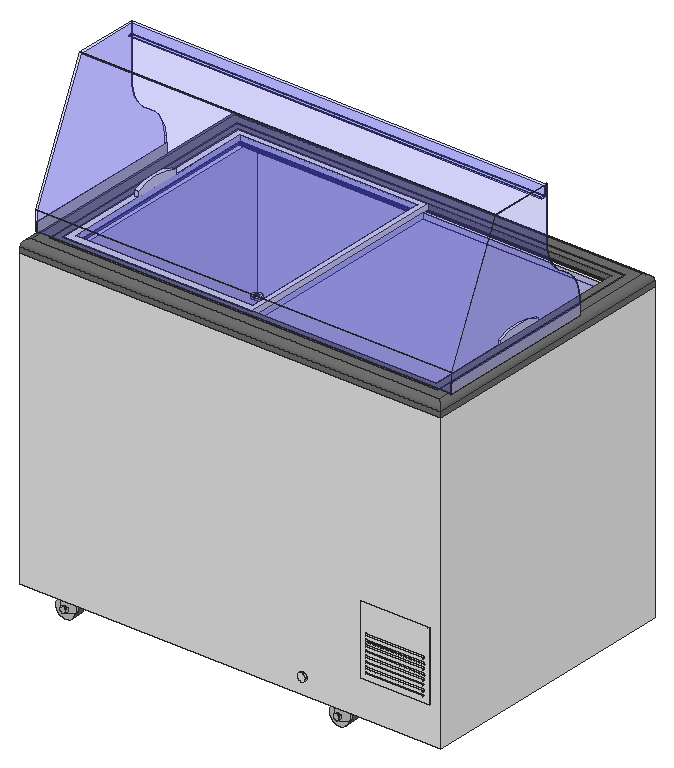
Revit family "Qf_Summit_NOVA35PDC_11.7 Cu.Ft. Dipping Cabinet", category Specialty Equipment, Revit 2020
Family settings
  Round Connector Dimension = Use Diameter
  Part Type = Normal
  Work Plane-Based = No
  Always vertical = Yes
  Cut with Voids When Loaded = No
  Shared = No
  Room Calculation Point = No
Parameters
  Weight in Pounds = 152
  Watts = FL Amps * Volts  # 828 W
  Volts = 115 V
  URL Cutsheet = ""
  Specification by User = ""
  Specification by Manufacturer = ""
  Show Clearance [instance] = yes
  Serial Number = ""
  Seismic Rating = ""
  SMACNA No = ""
  Revision Code = ""
  Refrigerant Volume = 0.00 kip
  Refrigerant Type = "R290a"
  Phase = 1
  Number of Poles = 1
  NAFEM Spec ID Number = ""
  Model = "NOVA35PDC"
  Min Ckt Ampacity = 0 A
  Max Overcurrent Protection = 0 A
  Masterspec = ""
  Manufacturer = "Summit"
  Length = 43"
  Item Number = ""
  Installed By = ""
  Identify Quantity as Lot = yes
  Height = 48 1/4"
  HP = ""
  Furnished By = ""
  Foodservice Equipment Identifier = yes
  FL Amps = 7.2 A
  Electrical Remarks = ""
  Electric Connection Type = ""
  Elec Conn RI Height = 0"
  Elec Conn Connection Height = 0"
  Description = "11.7 Cu.Ft. Dipping Cabinet"
  Depth = 27 1/4"
  Default Elevation = 0"
  Cycle = 60 Hz
  Conn Plug = ""
  Conn Conduit = yes
  CSI MasterFormat = ""
  Apparent Power = 828 VA
Reference planes (in)
  plane 1: z = 0
  plane 2 "LEFT": x = 0
  plane 3 "RIGHT": x = 43
  plane 4 "FRONT": y = -28
  plane 5 "TOP": z = 34.25
  plane 6 "Center Y": x = 21.5
  plane 7 "Center X": y = -14.375
  plane 8 "BACK": y = -0.75
  plane 9: z = 2.75
  plane 10: x = 0.75
  plane 11: x = 1
  plane 12: x = 3.71343
  plane 13: x = 31.6875
  plane 14: x = 39.825
  plane 15: x = 31.95
  plane 16: z = 5.875
  plane 17: z = 15.625
  plane 18: x = 3.125
  plane 19: x = 39.875
  plane 20: x = 32
Forms (in)
  Sweep 1, solid, material "QF_Plastic_Dark_Grey"
    path origin (0, 0, 0) x (1, 0, 0) y (0, 1, 0)
      loop
        line (0, -0.75) -> (0, -28) -> (43, -28) -> (43, -0.75) -> (0, -0.75)
    profile origin (0, -14.375, 0) x (1, 0, 0) y (0, 0, 1)
      loop
        line (0, 33) -> (1.7, 33) -> (1.7, 34.25) -> (0.75, 34.25) -> (0.67874, 34.25)
        arc (0.67874, 34.25) -> (0.1988, 34.0512) -> (0, 33.57126) r 0.67874
        line (0, 33.57126) -> (0, 33)
  Extrusion 2, solid, material "QF_Metallic_Paint_White_Smooth"
    sketch origin (0, 0, 0) x (1, 0, 0) y (0, 1, 0)
      loop
        line (3.125, -27) -> (39.875, -27) -> (39.875, -1.75) -> (3.125, -1.75) -> (3.125, -27)
      loop
        line (43, -0.75) -> (0, -0.75) -> (0, -28) -> (43, -28) -> (43, -0.75)
    from 2.75 to 33
  Extrusion 3, solid, material "QF_Metallic_Paint_White_Smooth"
    sketch origin (0, 0, 0) x (1, 0, 0) y (0, 1, 0)
      loop
        line (2.4, -3.15) -> (2.4, -25.6) -> (21.75, -25.6) -> (21.75, -3.15) -> (2.4, -3.15)
      loop
        line (3.075, -3.8) -> (3.075, -24.8) -> (21.25, -24.8) -> (21.25, -3.8) -> (3.075, -3.8)
    from 33.70906 to 34.25
  Extrusion 4, solid, material "Glass"
    sketch origin (0, 0, 0) x (1, 0, 0) y (0, 1, 0)
      loop
        line (3.075, -3.8) -> (3.075, -24.8) -> (21.25, -24.8) -> (21.25, -3.8) -> (3.075, -3.8)
    from 33.63932 to 34.25
  Extrusion 5, solid, material "QF_Metallic_Paint_White_Smooth"
    sketch origin (0, -0.75, 0) x (1, 0, 0) y (0, 0, 1)
      loop
        line (1, 5.875) -> (1, 2.75) -> (42, 2.75) -> (42, 15.625) -> (32, 15.625) -> (32, 5.875) -> (1, 5.875)
    from 1 to 26.25
  Sweep 6, solid, material "QF_Plastic_Dark_Grey"
    path origin (30, 0, 34.27864) x (-1, 0, 0) y (0, -1, 0)
      loop
        line (27.7, 3.05) -> (27.7, 25.7) -> (-10.7, 25.7) -> (-10.7, 3.05) -> (27.7, 3.05)
    profile origin (21.5, -3.05, 34.27864) x (0, 1, 0) y (0, 0, 1)
      loop
        line (-0.1, -0.02864) -> (-0.1, -0.56958) -> (-0.33757, -0.56958) -> (-0.33757, -0.63932) -> (-0.1, -0.63932) -> (-0.1, -1.18026) -> (-0.33757, -1.18026) -> (-0.33757, -1.27864) -> (0.6, -1.27864) -> (0.6, -0.02864) -> (-0.1, -0.02864)
  Extrusion 7, solid, material "QF_Metallic_Paint_White_Smooth"
    sketch origin (30, 0, -0.61068) x (-1, 0, 0) y (0, -1, 0)
      loop
        line (-10.6, 3.15) -> (8.75, 3.15) -> (8.75, 25.45) -> (-10.6, 25.45) -> (-10.6, 3.15)
      loop
        line (-9.925, 3.8) -> (8.25, 3.8) -> (8.25, 24.8) -> (-9.925, 24.8) -> (-9.925, 3.8)
    from 33.70906 to 34.25
  Extrusion 8, solid, material "Glass"
    sketch origin (30, 0, -0.61068) x (-1, 0, 0) y (0, -1, 0)
      loop
        line (-9.925, 3.8) -> (8.25, 3.8) -> (8.25, 24.8) -> (-9.925, 24.8) -> (-9.925, 3.8)
    from 33.70906 to 34.25
  Extrusion 9, solid, material "QF_Metallic_Paint_White_Smooth"
    sketch origin (23.88, 0, 0) x (0, 1, 0) y (0, 0, 1)
      loop
        line (-16.73455, 34.25) -> (-12.01545, 34.25) -> (-12.01545, 34.75)
        arc (-12.01545, 34.75) -> (-14.375, 35.25) -> (-16.73455, 34.75) r 5.8175
        line (-16.73455, 34.75) -> (-16.73455, 34.25)
    from -21.14299 to -20.805
  Extrusion 10, solid, material "QF_Metallic_Paint_White_Smooth"
    sketch origin (6.12, 0, -0.61068) x (0, 1, 0) y (0, 0, -1)
      loop
        line (-16.73455, -34.25) -> (-16.73455, -34.75)
        arc (-16.73455, -34.75) -> (-14.375, -35.25) -> (-12.01545, -34.75) r 5.8175
        line (-12.01545, -34.75) -> (-12.01545, -34.25) -> (-16.73455, -34.25)
    from -34.01945 to -33.805
  Extrusion 11, solid, material "QF_Metallic_Paint_White_Smooth"
    sketch origin (0, -28, 0) x (1, 0, 0) y (0, 0, 1)
      loop
        line (34.875, 13.375) -> (34.875, 6.375) -> (41.875, 6.375) -> (41.875, 13.375) -> (34.875, 13.375)
      loop
        line (35.375, 10.625) -> (35.375, 10.375) -> (41.375, 10.375) -> (41.375, 10.625) -> (35.375, 10.625)
      loop
        line (41.375, 10.125) -> (35.375, 10.125) -> (35.375, 9.875) -> (41.375, 9.875) -> (41.375, 10.125)
      loop
        line (35.375, 9.625) -> (35.375, 9.375) -> (41.375, 9.375) -> (41.375, 9.625) -> (35.375, 9.625)
      loop
        line (41.375, 9.125) -> (35.375, 9.125) -> (35.375, 8.875) -> (41.375, 8.875) -> (41.375, 9.125)
      loop
        line (35.375, 8.625) -> (35.375, 8.375) -> (41.375, 8.375) -> (41.375, 8.625) -> (35.375, 8.625)
      loop
        line (41.375, 8.125) -> (35.375, 8.125) -> (35.375, 7.875) -> (41.375, 7.875) -> (41.375, 8.125)
      loop
        line (35.375, 7.625) -> (35.375, 7.375) -> (41.375, 7.375) -> (41.375, 7.625) -> (35.375, 7.625)
      loop
        line (41.375, 7.125) -> (35.375, 7.125) -> (35.375, 6.875) -> (41.375, 6.875) -> (41.375, 7.125)
    from 0 to 0.03125
  Extrusion 12, solid, material "QF_Metallic_Paint_White_Smooth"
    sketch origin (0, -0.75, 0) x (1, 0, 0) y (0, 0, 1)
      loop
        circle (40, 5.375) r 0.25
    from 0 to -0.23344
  Extrusion 13, solid, material "QF_Metallic_Paint_White_Smooth"
    sketch origin (0, -28, 0) x (1, 0, 0) y (0, 0, 1)
      loop
        circle (28.875, 4.375) r 0.40028
    from 0 to 0.15886
  Extrusion 14, solid, material "QF_Metal - Stainless - Polished"
    sketch origin (0.07561, 0.09001, 34.25) x (1, 0, 0) y (0, 1, 0)
      loop
        circle (20.42439, -23.52751) r 0.5
      loop
        circle (20.42439, -23.52751) r 0.25
      loop
        arc (20.45564, -23.57767) -> (20.42439, -23.46841) -> (20.39314, -23.57767) r 0.0591
        line (20.39314, -23.57767) -> (20.39314, -23.72445)
        arc (20.39314, -23.72445) -> (20.42439, -23.7557) -> (20.45564, -23.72445) r 0.03125
        line (20.45564, -23.72445) -> (20.45564, -23.57767)
    from 0.04239 to -0.05358
Cuts and joins
  joined: Extrusion 2, Extrusion 5, Extrusion 11, Extrusion 12
  joined: Extrusion 3, Extrusion 9
  joined: Extrusion 7, Extrusion 10
Lines and regions (in)
  Split face 1
    outline origin (34.875, -28.03125, 13.375) x (-1, 0, 0) y (0, 0, -1)
      loop
        arc (-2, 1.7125) -> (-2.02929, 1.78321) -> (-2.1, 1.8125) r 0.1
        line (-2.1, 1.8125) -> (-4.9, 1.8125)
        arc (-4.9, 1.8125) -> (-4.97071, 1.78321) -> (-5, 1.7125) r 0.1
        line (-5, 1.7125) -> (-5, 0.6)
        arc (-5, 0.6) -> (-4.97071, 0.52929) -> (-4.9, 0.5) r 0.1
        line (-4.9, 0.5) -> (-2.1, 0.5)
        arc (-2.1, 0.5) -> (-2.02929, 0.52929) -> (-2, 0.6) r 0.1
        line (-2, 0.6) -> (-2, 1.7125)
  Split face 2
    outline origin (34.875, -28.03125, 13.375) x (-1, 0, 0) y (0, 0, -1)
      loop
        line (-2.625, 0.6875) -> (-2.625, 1.375) -> (-4.374, 1.375) -> (-4.374, 0.6875) -> (-2.625, 0.6875)
  Split face 3
    outline origin (34.875, -28.03125, 13.375) x (-1, 0, 0) y (0, 0, -1)
      loop
        arc (-2.4061, 0.67406) -> (-2.3125, 0.54855) -> (-2.2189, 0.67406) r 0.09766
        arc (-2.2189, 0.67406) -> (-2.24545, 0.75668) -> (-2.26367, 0.84152) r 0.87424
        line (-2.26367, 0.84152) -> (-2.26974, 0.93917) -> (-2.35526, 0.93917) -> (-2.36133, 0.84152)
        arc (-2.36133, 0.84152) -> (-2.37955, 0.75668) -> (-2.4061, 0.67406) r 0.87424
  Split face 4
    outline origin (34.875, -28.03125, 13.375) x (-1, 0, 0) y (0, 0, -1)
      loop
        line (-4.59026, 0.82885) -> (-4.6875, 0.81322) -> (-4.78474, 0.82885) -> (-4.6875, 0.66041) -> (-4.59026, 0.82885)
  Split face 5
    outline origin (34.875, -28.03125, 13.375) x (-1, 0, 0) y (0, 0, -1)
      loop
        line (-4.6875, 1.09273) -> (-4.59026, 1.07711) -> (-4.6875, 1.24554) -> (-4.78474, 1.07711) -> (-4.6875, 1.09273)
  Split face 6
    outline origin (34.875, -28.03125, 13.375) x (-1, 0, 0) y (0, 0, -1)
      loop
        arc (-4.67187, 1.54954) -> (-4.6875, 1.73573) -> (-4.70312, 1.54954) r 0.09375
        line (-4.70312, 1.54954) -> (-4.70312, 1.48913) -> (-4.67187, 1.48913) -> (-4.67187, 1.54954)
  symbolic lines
    curve 1: line (0, -0.75, 0) -> (43, -0.75, 0)
    curve 2: line (0, -28, 0) -> (0, -0.75, 0)
    curve 3: line (43, -28, 0) -> (0, -28, 0)
    curve 4: line (43, -0.75, 0) -> (43, -28, 0)
    curve 5: line (1.7, -26.3, 0) -> (41.3, -26.3, 0)
    curve 6: line (1.7, -2.45, 0) -> (1.7, -25.6, 0)
    curve 7: line (41.3, -2.45, 0) -> (1.7, -2.45, 0)
    curve 8: line (41.3, -26.3, 0) -> (41.3, -2.45, 0)
    curve 9: line (39.925, -3.8, 0) -> (21.75, -3.8, 0)
    curve 10: line (3.075, -3.8, 0) -> (3.075, -24.8, 0)
    curve 11: line (39.925, -24.8, 0) -> (39.925, -3.8, 0)
    curve 12: line (21.75, -25.6, 0) -> (21.75, -3.8, 0)
    curve 13: line (21.25, -24.8, 0) -> (21.25, -3.8, 0)
    curve 14: line (2.4, -3.15, 0) -> (2.4, -24.8, 0)
    curve 15: line (40.6, -25.6, 0) -> (40.6, -3.15, 0)
    curve 16: line (40.6, -3.15, 0) -> (2.4, -3.15, 0)
    curve 17: line (42, -26.3, 0) -> (42, -1.75, 0)
    curve 18: line (42, -1.75, 0) -> (1, -1.75, 0)
    curve 19: line (1, -26.3, 0) -> (1, -1.75, 0)
    curve 20: line (21.25, -3.8, 0) -> (3.075, -3.8, 0)
    curve 21: line (32, -3.8, 0) -> (32, -24.8, 0)
    curve 22: line (21.25, -24.8, 0) -> (2.4, -24.8, 0)
    curve 23: line (1.7, -25.6, 0) -> (40.6, -25.6, 0)
    curve 24: line (1, -26.3, 0) -> (41.3, -26.3, 0)
    curve 25: line (40.13945, -16.73455, 0) -> (40.13945, -12.01545, 0)
    curve 26: line (40.13945, -12.01545, 0) -> (39.925, -12.01545, 0)
    curve 27: line (39.925, -12.01545, 0) -> (39.925, -16.73455, 0)
    curve 28: line (39.925, -16.73455, 0) -> (40.13945, -16.73455, 0)
    curve 29: line (2.73701, -12.01545, 0) -> (2.73701, -16.73455, 0)
    curve 30: line (2.73701, -16.73455, 0) -> (3.075, -16.73455, 0)
    curve 31: line (3.075, -16.73455, 0) -> (3.075, -12.01545, 0)
    curve 32: line (3.075, -12.01545, 0) -> (2.73701, -12.01545, 0)
    curve 33: line (21.75, -24.8, 0) -> (39.925, -24.8, 0)
Dimensions and locks (in)
  equal spacing: plane 2 "LEFT", plane 6 "Center Y", plane 3 "RIGHT"
  "Length": plane 2 "LEFT" to plane 3 "RIGHT"
  equal spacing: plane 4 "FRONT", plane 7 "Center X", plane 8 "BACK"
  nested 5 to level = 48 1/4"
  plane 3 "RIGHT" to plane 2 "LEFT" = 43"
  plane 5 "TOP" to level = 34 1/4"  (x2)
  "Depth": plane 4 "FRONT" to plane 8 "BACK"
  plane 9 to level = 2 3/4"
  locked: plane 12 to plane 2 "LEFT" at 3.71343
  locked: plane 3 "RIGHT" to plane 13 at 11.3125
  plane 5 "TOP" to cut or joined group of Extrusion 2, Extrusion 5, Extrusion 11, Extrusion 12 = 31 1/2"
  Extrusion 2 sketch curve to plane 3 "RIGHT" = 3 1/8"
  Extrusion 5 sketch curve to plane 14 = 7.825"
  locked: Extrusion 5 sketch curve to plane 3 "RIGHT" at 1
  locked: Sweep 6 sketch curve to plane 3 "RIGHT" at 2.3
  Extrusion 3 sketch curve to plane 6 "Center Y" to Extrusion 3 sketch curve = 1/4" locked, 1/4" locked
  cut or joined group of Extrusion 7, Extrusion 10 to cut or joined group of Extrusion 7, Extrusion 10 to cut or joined group of Extrusion 7, Extrusion 10 to plane 3 "RIGHT" = 0" locked, 0.21445", 2.86055"
  nested 5 to plane 5 "TOP" = 14"
  plane 16 to level = 5 7/8"
  plane 17 to plane 16 = 9 3/4"
  plane 20 to plane 19 = 7 7/8"
  cut or joined group of Extrusion 2, Extrusion 5, Extrusion 11, Extrusion 12 to cut or joined group of Extrusion 2, Extrusion 5, Extrusion 11, Extrusion 12 = 36 3/4"
  cut or joined group of Extrusion 3, Extrusion 9 to cut or joined group of Extrusion 3, Extrusion 9 = 21"
  aligned and locked: level to plane 1
  aligned and locked: nested 1 to plane 12
  aligned and locked: nested 2 to plane 12
  aligned and locked: nested 3 to plane 13
  aligned and locked: nested 4 to plane 13
  aligned and locked: Extrusion 3 to Extrusion 4  (x3)
  aligned and locked: Extrusion 8 to Extrusion 7  (x3)
  aligned and locked: Extrusion 2 sketch curve to plane 3 "RIGHT"
  aligned and locked: Sweep 1 sketch curve to plane 3 "RIGHT"
  aligned and locked: cut or joined group of Extrusion 7, Extrusion 10 to cut or joined group of Extrusion 7, Extrusion 10
Automatic sketch dimensions
  Extrusion 9 sketch curve to plane 5 "TOP" = 0"
  Extrusion 9 sketch curve to plane 7 "Center X" = 0"
  Extrusion 9 sketch curve to plane 7 "Center X" = 2.35955"
  plane 5 "TOP" to Extrusion 9 sketch curve = 1/2"
  plane 7 "Center X" to Extrusion 9 sketch curve = 2.35955"
  Extrusion 9 sketch curve to plane 5 "TOP" = 4.8175"
  Extrusion 10 sketch curve to plane 5 "TOP" = 0.61068"
  Extrusion 10 sketch curve to plane 7 "Center X" = 0"
  Extrusion 10 sketch curve to plane 7 "Center X" = 2.35955"
  Extrusion 10 sketch curve to plane 5 "TOP" = 0.11068"
  plane 7 "Center X" to Extrusion 10 sketch curve = 2.35955"
  Extrusion 10 sketch curve to plane 5 "TOP" = 5.42818"
  plane 11 to Extrusion 5 sketch curve = 0"
  Extrusion 5 sketch curve to plane 9 = 0"
  Extrusion 5 sketch curve to Extrusion 5 sketch curve = 3 1/8"
  Extrusion 5 sketch curve to Extrusion 5 sketch curve = 9 3/4"
  Sweep 1 sketch curve to plane 2 "LEFT" = 0"
  plane 4 "FRONT" to Sweep 1 sketch curve = 0"
  plane 8 "BACK" to Sweep 1 sketch curve = 0"
  profile plane to Sweep 1 sketch curve = 0"
  plane 10 to Sweep 1 sketch curve = 0"
  Sweep 1 sketch curve to Sweep 1 sketch curve = 0.07126"
  Sweep 1 sketch curve to plane 10 = 0.95"
  level to Sweep 1 sketch curve = 33"
  Sweep 1 sketch curve to Sweep 1 sketch curve = 0.57126"
  Extrusion 2 sketch curve to plane 2 "LEFT" = 0"
  Extrusion 2 sketch curve to plane 18 = 0"
  plane 4 "FRONT" to Extrusion 2 sketch curve = 0"
  plane 8 "BACK" to Extrusion 2 sketch curve = 0"
  Extrusion 2 sketch curve to plane 4 "FRONT" = 1"
  plane 8 "BACK" to Extrusion 2 sketch curve = 1"
  plane 18 to Extrusion 3 sketch curve = 0.05"
  plane 18 to Extrusion 3 sketch curve = 0.725"
  Extrusion 3 sketch curve to plane 4 "FRONT" = 2.4"
  Extrusion 3 sketch curve to Extrusion 3 sketch curve = 0.8"
  plane 8 "BACK" to Extrusion 3 sketch curve = 3.05"
  Extrusion 3 sketch curve to Extrusion 3 sketch curve = 0.65"
  plane 18 to Extrusion 4 sketch curve = 0.05"
  Extrusion 4 sketch curve to plane 6 "Center Y" = 1/4"
  Extrusion 4 sketch curve to plane 4 "FRONT" = 3.2"
  plane 8 "BACK" to Extrusion 4 sketch curve = 3.05"
  plane 18 to Sweep 6 sketch curve = 0.825"
  plane 8 "BACK" to Sweep 6 sketch curve = 2.3"
  Sweep 6 sketch curve to plane 4 "FRONT" = 2.3"
  profile plane to Sweep 6 sketch curve = 0.33757"  (x2)
  profile plane to Sweep 6 sketch curve = 0.1"
  Sweep 6 sketch curve to Sweep 6 sketch curve = 0"
  Sweep 6 sketch curve to profile plane = 0.02864"
  Sweep 6 sketch curve to profile plane = 0.6"
  Sweep 6 sketch curve to profile plane = 0.56958"
  Sweep 6 sketch curve to Sweep 6 sketch curve = 0.06974"
  Sweep 6 sketch curve to Sweep 6 sketch curve = 0.54094"
  Sweep 6 sketch curve to Sweep 6 sketch curve = 0.09838"
  Extrusion 7 sketch curve to plane 19 = 0.725"
  Extrusion 7 sketch curve to plane 19 = 0.05"
  Extrusion 7 sketch curve to plane 6 "Center Y" = 1/4"
  plane 6 "Center Y" to Extrusion 7 sketch curve = 1/4"
  plane 4 "FRONT" to Extrusion 7 sketch curve = 2.55"
  Extrusion 7 sketch curve to Extrusion 7 sketch curve = 0.65"  (x2)
  Extrusion 7 sketch curve to plane 8 "BACK" = 3.05"
  Extrusion 8 sketch curve to plane 19 = 0.05"
  Extrusion 8 sketch curve to plane 6 "Center Y" = 1/4"
  plane 4 "FRONT" to Extrusion 8 sketch curve = 3.2"
  Extrusion 8 sketch curve to plane 8 "BACK" = 3.05"
  plane 16 to Extrusion 11 sketch curve = 1/2"
  Extrusion 11 sketch curve to plane 20 = 2 7/8"
  Extrusion 11 sketch curve to Extrusion 11 sketch curve = 1/2"  (x4)
  Extrusion 11 sketch curve to Extrusion 11 sketch curve = 0"  (x13)
  plane 19 to Extrusion 11 sketch curve = 1 1/2"
  Extrusion 11 sketch curve to Extrusion 11 sketch curve = 1/4"  (x15)
  Extrusion 11 sketch curve to plane 17 = 2 1/4"
  cut or joined group of Extrusion 2, Extrusion 5, Extrusion 11, Extrusion 12 to Split face 1 sketch curve = 1 1/2"
  Split face 1 sketch curve to Split face 1 sketch curve = 0.1"  (x3)
  Split face 1 sketch curve to cut or joined group of Extrusion 2, Extrusion 5, Extrusion 11, Extrusion 12 = 0.6"
  cut or joined group of Extrusion 2, Extrusion 5, Extrusion 11, Extrusion 12 to Split face 1 sketch curve = 1.6"
  Split face 1 sketch curve to Split face 1 sketch curve = 0"
  Split face 1 sketch curve to cut or joined group of Extrusion 2, Extrusion 5, Extrusion 11, Extrusion 12 = 1.0375"
  Split face 2 sketch curve to cut or joined group of Extrusion 2, Extrusion 5, Extrusion 11, Extrusion 12 = 11/16"
  cut or joined group of Extrusion 2, Extrusion 5, Extrusion 11, Extrusion 12 to Split face 2 sketch curve = 2.126"
  Split face 2 sketch curve to Split face 2 sketch curve = 1.749"
  Split face 2 sketch curve to Split face 2 sketch curve = 11/16"
  Split face 3 sketch curve to cut or joined group of Extrusion 2, Extrusion 5, Extrusion 11, Extrusion 12 = 0.98248"
  cut or joined group of Extrusion 2, Extrusion 5, Extrusion 11, Extrusion 12 to Split face 3 sketch curve = 2.72413"
  Split face 3 sketch curve to cut or joined group of Extrusion 2, Extrusion 5, Extrusion 11, Extrusion 12 = 0.84152"  (x2)
  Split face 3 sketch curve to Split face 3 sketch curve = 0.8628"
  Split face 3 sketch curve to Split face 3 sketch curve = 0.00606"
  Split face 3 sketch curve to Split face 3 sketch curve = 0.04883"
  Split face 3 sketch curve to Split face 3 sketch curve = 0.08553"
  Split face 3 sketch curve to Split face 3 sketch curve = 25/256"  (x2)
  Split face 3 sketch curve to Split face 3 sketch curve = 0.86886"
  Split face 3 sketch curve to Split face 3 sketch curve = 25/128"
  Split face 3 sketch curve to Split face 3 sketch curve = 0.04331"
  Split face 3 sketch curve to Split face 3 sketch curve = 0.0936"
  Split face 4 sketch curve to cut or joined group of Extrusion 2, Extrusion 5, Extrusion 11, Extrusion 12 = 0.82885"  (x2)
  cut or joined group of Extrusion 2, Extrusion 5, Extrusion 11, Extrusion 12 to Split face 4 sketch curve = 1.71526"
  Split face 4 sketch curve to cut or joined group of Extrusion 2, Extrusion 5, Extrusion 11, Extrusion 12 = 0.66041"
  Split face 4 sketch curve to Split face 4 sketch curve = 0.09724"  (x3)
  Split face 4 sketch curve to cut or joined group of Extrusion 2, Extrusion 5, Extrusion 11, Extrusion 12 = 0.81322"
  cut or joined group of Extrusion 2, Extrusion 5, Extrusion 11, Extrusion 12 to Split face 5 sketch curve = 1.71526"
  Split face 5 sketch curve to Split face 5 sketch curve = 0.09724"  (x2)
  Split face 5 sketch curve to Split face 5 sketch curve = 0"  (x2)
  Split face 5 sketch curve to cut or joined group of Extrusion 2, Extrusion 5, Extrusion 11, Extrusion 12 = 1.07711"
  Split face 5 sketch curve to Split face 5 sketch curve = 1/64"
  Split face 5 sketch curve to Split face 5 sketch curve = 0.15281"
  cut or joined group of Extrusion 2, Extrusion 5, Extrusion 11, Extrusion 12 to Split face 6 sketch curve = 1 51/64"
  Split face 6 sketch curve to Split face 6 sketch curve = 1/64"
  Split face 6 sketch curve to Split face 6 sketch curve = 1/32"
  Split face 6 sketch curve to cut or joined group of Extrusion 2, Extrusion 5, Extrusion 11, Extrusion 12 = 1.26087"
  Split face 6 sketch curve to Split face 6 sketch curve = 0.06041"
  Split face 6 sketch curve to Split face 6 sketch curve = 0.09244"
  plane 19 to Extrusion 12 sketch curve = 1/8"
  Extrusion 12 sketch curve to plane 16 = 1/2"
  Extrusion 14 sketch curve to Extrusion 14 sketch curve = 0"  (x6)
  Extrusion 14 sketch curve to Extrusion 4 = 25/32"
  Extrusion 14 sketch curve to Extrusion 14 sketch curve = 1/32"  (x2)
  Extrusion 14 sketch curve to Extrusion 4 = 1.16556"
  Extrusion 14 sketch curve to Extrusion 14 sketch curve = 0.14678"
  Extrusion 14 sketch curve to Extrusion 14 sketch curve = 0.05016"
  curve 3 to plane 2 "LEFT" = 0"
  curve 19 to plane 11 = 0"
  curve 21 to plane 20 = 0"
  curve 3 to plane 3 "RIGHT" = 0"
  plane 4 "FRONT" to curve 3 = 0"
  plane 8 "BACK" to curve 2 = 0"
  curve 23 to plane 11 = 0.7"
  plane 18 to curve 22 = 0.725"
  plane 18 to curve 30 = 0.38799"
  plane 18 to curve 31 = 0.05"
  plane 18 to curve 20 = 0.05"
  curve 13 to plane 6 "Center Y" = 1/4"
  plane 6 "Center Y" to curve 9 = 1/4"
  plane 19 to curve 28 = 0.05"
  plane 19 to curve 33 = 0.05"
  curve 26 to curve 26 = 0.21445"
  plane 19 to curve 15 = 0.725"
  curve 15 to curve 7 = 0.7"  (x2)
  curve 7 to curve 18 = 0.7"
  curve 24 to plane 4 "FRONT" = 1.7"
  curve 5 to curve 23 = 0.7"
  curve 12 to curve 22 = 0.8"
  curve 15 to curve 11 = 0.8"
  curve 31 to plane 7 "Center X" = 2.35955"
  curve 27 to plane 7 "Center X" = 2.35955"
  plane 7 "Center X" to curve 31 = 2.35955"
  plane 7 "Center X" to curve 25 = 2.35955"
  plane 8 "BACK" to curve 20 = 3.05"
  plane 8 "BACK" to curve 9 = 3.05"
  curve 10 to curve 14 = 0.65"
  curve 7 to curve 17 = 0.7"
  curve 5 to curve 6 = 0"
  curve 5 to curve 17 = 0"
  radius of Extrusion 12 sketch curve = 1/4"
  radius of Extrusion 14 sketch curve = 1/2"
  radius of Extrusion 14 sketch curve = 1/4"
Nested families (in)
  nested 1: "2-34 INCHES_CASTER" at (3.71343, -25.875, 0) x (0, -1, 0) z (0, 0, 1), type "2-34 INCHES_CASTER"
    with Type Mark "", Specification by User "", Show 4.25" Casters yes, Right Lock yes, Revision Code "", Left Lock yes, Item Number "", Installed By "", Identify Quantity as Lot yes, Furnished By "", Foodservice Equipment Identifier yes
  nested 2: "2-34 INCHES_CASTER" at (3.71343, -2.875, 0) x (0, -1, 0) z (0, 0, 1), type "2-34 INCHES_CASTER"
    with Type Mark "", Specification by User "", Show 4.25" Casters yes, Right Lock yes, Revision Code "", Left Lock yes, Item Number "", Installed By "", Identify Quantity as Lot yes, Furnished By "", Foodservice Equipment Identifier yes
  nested 3: "2-34 INCHES_CASTER" at (31.6875, -25.875, 0) x (0, -1, 0) z (0, 0, 1), type "2-34 INCHES_CASTER"
    with Type Mark "", Specification by User "", Show 4.25" Casters yes, Right Lock yes, Revision Code "", Left Lock yes, Item Number "", Installed By "", Identify Quantity as Lot yes, Furnished By "", Foodservice Equipment Identifier yes
  nested 4: "2-34 INCHES_CASTER" at (31.6875, -2.875, 0) x (0, -1, 0) z (0, 0, 1), type "2-34 INCHES_CASTER"
    with Type Mark "", Specification by User "", Show 4.25" Casters yes, Right Lock yes, Revision Code "", Left Lock yes, Item Number "", Installed By "", Identify Quantity as Lot yes, Furnished By "", Foodservice Equipment Identifier yes
  nested 5: "FSNEEZEGUARD for NOVA 35" at (2.425, 3.825, 33), type "FSNEEZEGUARD for NOVA 35"
Connectors (in)
  electrical at (40, -0.51656, 5.375)
    settings: on cut or joined group of Extrusion 2, Extrusion 5, Extrusion 11, Extrusion 12, index 1, voltage 0 V, apparent load 0 VA, apparent load phase1 0 VA, apparent load phase2 0 VA, apparent load phase3 0 VA, power factor 1, load classification "Other", number of poles 1, system type 31, power factor state 1, is connector primary yes, connector utility no, sub classification motor no, connector description ""
  piping at (28.875, -28.15886, 4.375), diameter 0.75
    settings: on Extrusion 13, index 2, connector inside diameter 24", connector length 0", flow factor 0, pipe flow 0 GPM, pressure drop 0.00 psi, fitting loss kfactor 0, connector angle 0.00°, fixture units 0, engagement length 0", angle of deflection 0.00°, flow configuration 1, flow direction 2, fitting loss method 0, system type 16, joint type 0, gender type 0, connector reference index -1, connector utility 0, adjustable connector no, is connector primary yes, connector description "Drain"
Definition of nested family "2-34 INCHES_CASTER"
  Parameters (values of type "2-34 INCHES_CASTER")
    Weight = ""
    URL Manufacturer = ""
    URL Cutsheet = ""
    URL = ""
    Type Mark [instance] = ""
    Specification by User [instance] = ""
    Specification by Manufacturer = ""
    Show 4.25" Casters [instance] = yes
    Serial Number = ""
    Seismic Rating = ""
    SMACNA No = ""
    Right Lock [instance] = yes
    Revision Code [instance] = ""
    Omniclass Number and Title = ""
    NAFEM Spec ID Number = ""
    Model = ""
    MasterSpec. = ""
    Manufacturer = ""
    Left Lock [instance] = yes
    Item Number [instance] = ""
    Installed By [instance] = ""
    Identify Quantity as Lot [instance] = yes
    Furnished By [instance] = ""
    Foodservice Equipment Identifier [instance] = yes
    Description = ""
    Default Elevation = 0"
    CSI MasterFormat = ""
    CSI Master Format = ""
    Assembly Code = ""
  Reference planes (in)
    plane 1: z = 0
    plane 2 "RIGHT": x = 0
    plane 3 "FRONT": y = 0
    plane 4 "TOP": z = 2.74
    plane 5: z = 2.74
  Forms (in)
    Extrusion 1, solid, visible <- "Show 4.25" Casters"
      sketch origin (-0.60795, -3.50665, 0) x (0, 1, 0) y (0, 0, 1)
        loop
          arc (4.4375, 2.09375) -> (4.42835, 2.11585) -> (4.40625, 2.125) r 0.03125
          line (4.40625, 2.125) -> (4.34375, 2.125)
          arc (4.34375, 2.125) -> (4.32165, 2.13415) -> (4.3125, 2.15625) r 0.03125
          line (4.3125, 2.15625) -> (4.3125, 2.59375)
          arc (4.3125, 2.59375) -> (4.32165, 2.61585) -> (4.34375, 2.625) r 0.03125
          line (4.34375, 2.625) -> (4.625, 2.625) -> (4.625, 2.75) -> (2.625, 2.75) -> (2.625, 2.625) -> (2.90625, 2.625)
          arc (2.90625, 2.625) -> (2.92835, 2.61585) -> (2.9375, 2.59375) r 0.03125
          line (2.9375, 2.59375) -> (2.9375, 2.15625)
          arc (2.9375, 2.15625) -> (2.92835, 2.13415) -> (2.90625, 2.125) r 0.03125
          line (2.90625, 2.125) -> (2.84375, 2.125)
          arc (2.84375, 2.125) -> (2.82165, 2.11585) -> (2.8125, 2.09375) r 0.03125
          line (2.8125, 2.09375) -> (2.8125, 0.75)
          arc (2.8125, 0.75) -> (2.84911, 0.66161) -> (2.9375, 0.625) r 0.125
          line (2.9375, 0.625) -> (3.3125, 0.625) -> (4.35203, 0.97151)
          arc (4.35203, 0.97151) -> (4.41391, 1.01701) -> (4.4375, 1.09009) r 0.125
          line (4.4375, 1.09009) -> (4.4375, 2.09375)
      from 0 to -0.09291
    Extrusion 2, solid, visible <- "Show 4.25" Casters"
      sketch origin (-0.60795, -3.50665, 0) x (0, 1, 0) y (0, 0, 1)
        loop
          line (4.625, 2.75) -> (2.625, 2.75) -> (2.625, 2.625) -> (4.625, 2.625) -> (4.625, 2.75)
      from 0 to 1.2159
    Extrusion 3, solid, visible <- "Show 4.25" Casters"
      sketch origin (-0.60795, -3.50665, 0) x (0, 1, 0) y (0, 0, 1)
        loop
          line (3.46896, 1.1625) -> (3.1875, 1.325) -> (2.90604, 1.1625) -> (2.90604, 0.8375) -> (3.1875, 0.675) -> (3.46896, 0.8375) -> (3.46896, 1.1625)
      from -0.27106 to -0.09291
    Extrusion 4, solid, visible <- "Show 4.25" Casters"
      sketch origin (-0.60795, -3.50665, 0) x (0, 1, 0) y (0, 0, 1)
        loop
          circle (3.1875, 1) r 0.28146
      from -0.31535 to 1.53554
    Extrusion 5, solid, visible <- "Show 4.25" Casters"
      sketch origin (-0.60795, -3.50665, 0) x (0, 1, 0) y (0, 0, 1)
        loop
          circle (3.1875, 1) r 1
      from 0.03554 to 1.18465
    Extrusion 6, solid, visible <- "Show 4.25" Casters"
      sketch origin (-0.60795, -3.50665, 0) x (0, 1, 0) y (0, 0, 1)
        loop
          line (2.90625, 2.125) -> (2.84375, 2.125)
          arc (2.84375, 2.125) -> (2.82165, 2.11585) -> (2.8125, 2.09375) r 0.03125
          line (2.8125, 2.09375) -> (4.4375, 2.09375)
          arc (4.4375, 2.09375) -> (4.42835, 2.11585) -> (4.40625, 2.125) r 0.03125
          line (4.40625, 2.125) -> (4.34375, 2.125)
          arc (4.34375, 2.125) -> (4.32165, 2.13415) -> (4.3125, 2.15625) r 0.03125
          line (4.3125, 2.15625) -> (4.3125, 2.59375)
          arc (4.3125, 2.59375) -> (4.32165, 2.61585) -> (4.34375, 2.625) r 0.03125
          line (4.34375, 2.625) -> (2.90625, 2.625)
          arc (2.90625, 2.625) -> (2.92835, 2.61585) -> (2.9375, 2.59375) r 0.03125
          line (2.9375, 2.59375) -> (2.9375, 2.15625)
          arc (2.9375, 2.15625) -> (2.92835, 2.13415) -> (2.90625, 2.125) r 0.03125
      from 0 to 1.2159
    Extrusion 7, solid, visible <- "Show 4.25" Casters"
      sketch origin (0.60795, -3.50665, 0) x (0, 1, 0) y (0, 0, -1)
        loop
          line (4.4375, -2.09375) -> (4.4375, -1.09009)
          arc (4.4375, -1.09009) -> (4.41391, -1.01701) -> (4.35203, -0.97151) r 0.125
          line (4.35203, -0.97151) -> (3.3125, -0.625) -> (2.9375, -0.625)
          arc (2.9375, -0.625) -> (2.84911, -0.66161) -> (2.8125, -0.75) r 0.125
          line (2.8125, -0.75) -> (2.8125, -2.09375)
          arc (2.8125, -2.09375) -> (2.82165, -2.11585) -> (2.84375, -2.125) r 0.03125
          line (2.84375, -2.125) -> (2.90625, -2.125)
          arc (2.90625, -2.125) -> (2.92835, -2.13415) -> (2.9375, -2.15625) r 0.03125
          line (2.9375, -2.15625) -> (2.9375, -2.59375)
          arc (2.9375, -2.59375) -> (2.92835, -2.61585) -> (2.90625, -2.625) r 0.03125
          line (2.90625, -2.625) -> (2.625, -2.625) -> (2.625, -2.75) -> (4.625, -2.75) -> (4.625, -2.625) -> (4.34375, -2.625)
          arc (4.34375, -2.625) -> (4.32165, -2.61585) -> (4.3125, -2.59375) r 0.03125
          line (4.3125, -2.59375) -> (4.3125, -2.15625)
          arc (4.3125, -2.15625) -> (4.32165, -2.13415) -> (4.34375, -2.125) r 0.03125
          line (4.34375, -2.125) -> (4.40625, -2.125)
          arc (4.40625, -2.125) -> (4.42835, -2.11585) -> (4.4375, -2.09375) r 0.03125
      from 0 to -0.09291
    Extrusion 8, solid, visible <- "Show 4.25" Casters"
      sketch origin (0.60795, -3.50665, 0) x (0, 1, 0) y (0, 0, -1)
        loop
          line (3.46896, -1.1625) -> (3.46896, -0.8375) -> (3.1875, -0.675) -> (2.90604, -0.8375) -> (2.90604, -1.1625) -> (3.1875, -1.325) -> (3.46896, -1.1625)
      from -0.27106 to -0.09291
  Cuts and joins
    joined: Extrusion 1, Extrusion 2, Extrusion 3, Extrusion 4, Extrusion 5, Extrusion 6, Extrusion 7, Extrusion 8
  Lines and regions (in)
    symbolic lines, visible <- "Show 4.25" Casters"
      curve 1: line (0.28481, 1.83041, 0) -> (1.24556, 1.27572, 0)
      curve 2: line (-1.26206, -0.84886, 0) -> (0.28481, 1.83041, 0)
      curve 3: line (-0.30132, -1.40355, 0) -> (-1.26206, -0.84886, 0)
      curve 4: line (1.24556, 1.27572, 0) -> (-0.30132, -1.40355, 0)
  Dimensions and locks (in)
    plane 4 "TOP" to level = 2.74"  (x2)
    aligned and locked: level to plane 1
    aligned and locked: Extrusion 6 to Extrusion 7
    aligned and locked: Extrusion 2 to Extrusion 7
Definition of nested family "FSNEEZEGUARD for NOVA 35"
  Parameters (values of type "FSNEEZEGUARD for NOVA 35")
    Model = ""
    Manufacturer = ""
    Length = 42 1/2"
    Height = 15 1/4"
    Description = ""
    Depth = 16 1/2"
    Default Elevation = 0"
  Reference planes (in)
    plane 1 "BACK": y = -13.625
    plane 2: z = 0
    plane 3 "LEFT": x = -2.175
    plane 4 "RIGHT": x = 40.325
    plane 5 "FRONT": y = -30.125
    plane 6 "TOP": z = 15.25
    plane 7 "Center Y": x = 19.075
    plane 8 "Center X": y = -21.875
    plane 9: z = 1.25
    plane 10: z = 3.25
    plane 11: z = 2.25
    plane 12: z = 10.25
    plane 13: z = 14
  Forms (in)
    Extrusion 1, solid
      sketch origin (23.88, 0, 0) x (0, 1, 0) y (0, 0, 1)
        loop
          line (-30, 1.25) -> (-30, 3.22229) -> (-24.38717, 15.125) -> (-18.09181, 15.125) -> (-18.09181, 14.125) -> (-18.46681, 14.125) -> (-18.46681, 14) -> (-17.96681, 14) -> (-17.96681, 15.25) -> (-24.46681, 15.25) -> (-30.125, 3.25) -> (-30.125, 1.25) -> (-30, 1.25)
      from -26.055 to 16.445
    Extrusion 2, solid
      sketch origin (23.88, 0, 0) x (0, 1, 0) y (0, 0, 1)
        loop
          line (-30, 1.25) -> (-13.625, 1.25) -> (-13.625, 2.81069)
          arc (-13.625, 2.81069) -> (-14.23911, 4.81516) -> (-15.76759, 6.25) r 4.07972
          arc (-15.76759, 6.25) -> (-17.47369, 8.00035) -> (-17.87306, 10.41179) r 4.07972
          line (-17.87306, 10.41179) -> (-17.87306, 15.25) -> (-24.40431, 15.25) -> (-30, 3.25) -> (-30, 1.25)
      from -26.055 to -25.93
    Extrusion 3, solid
      sketch origin (0.52, 0, 0) x (0, 1, 0) y (0, 0, -1)
        loop
          line (-30, -1.25) -> (-30, -3.25) -> (-24.40431, -15.25) -> (-17.87306, -15.25) -> (-17.87306, -10.41179)
          arc (-17.87306, -10.41179) -> (-17.47369, -8.00035) -> (-15.76759, -6.25) r 4.07972
          arc (-15.76759, -6.25) -> (-14.23911, -4.81516) -> (-13.625, -2.81069) r 4.07972
          line (-13.625, -2.81069) -> (-13.625, -1.25) -> (-30, -1.25)
      from -39.805 to -39.68
    Extrusion 4, solid
      sketch origin (0.52, 0, 0) x (0, 1, 0) y (0, 0, -1)
        loop
          line (-30.125, -2.25) -> (-13.625, -2.25) -> (-13.625, -1.25) -> (-30.125, -1.25) -> (-30.125, -2.25)
      from 2.54996 to 2.57
    Extrusion 5, solid
      sketch origin (22.88, 0, 0) x (0, 1, 0) y (0, 0, 1)
        loop
          line (-30.125, 2.25) -> (-30.125, 1.25) -> (-13.625, 1.25) -> (-13.625, 2.25) -> (-30.125, 2.25)
      from 17.29996 to 17.32
  Cuts and joins
    joined: Extrusion 1, Extrusion 2, Extrusion 3
  Lines and regions (in)
    symbolic lines
      curve 1: line (-2.175, -13.625, 19.5) -> (-2.05, -13.625, 19.5)
      curve 2: line (-2.175, -30.125, 19.5) -> (-2.175, -13.625, 19.5)
      curve 3: line (-2.05, -30.125, 19.5) -> (-2.175, -30.125, 19.5)
      curve 4: line (-2.05, -13.625, 19.5) -> (-2.05, -30.125, 19.5)
      curve 5: line (-2.175, -13.625, 19.5) -> (40.325, -13.625, 19.5)
      curve 6: line (-2.175, -30.25, 19.5) -> (-2.175, -13.625, 19.5)
      curve 7: line (40.325, -30.25, 19.5) -> (-2.175, -30.25, 19.5)
      curve 8: line (40.325, -13.625, 19.5) -> (40.325, -30.25, 19.5)
      curve 9: line (40.325, -30.125, 19.5) -> (40.2, -30.125, 19.5)
      curve 10: line (40.325, -13.625, 19.5) -> (40.325, -30.125, 19.5)
      curve 11: line (40.2, -13.625, 19.5) -> (40.325, -13.625, 19.5)
      curve 12: line (40.2, -30.125, 19.5) -> (40.2, -13.625, 19.5)
      curve 13: line (40.2, -13.75, 19.5) -> (-2.05, -13.75, 19.5)
      curve 14: line (-2.05, -18.0625, 19.5) -> (40.2, -18.0625, 19.5)
      curve 15: line (-2.175, -18.5625, 19.5) -> (40.325, -18.5625, 19.5)
      curve 16: line (-2.175, -24.5625, 19.5) -> (40.325, -24.5625, 19.5)
      curve 17: line (-2.175, -30.125, 19.5) -> (40.325, -30.125, 19.5)
      curve 18: line (40.2, -17.96681, 19.5) -> (-2.05, -17.96681, 19.5)
  Dimensions and locks (in)
    equal spacing: plane 3 "LEFT", plane 7 "Center Y", plane 4 "RIGHT"
    "Length": plane 3 "LEFT" to plane 4 "RIGHT"
    equal spacing: plane 5 "FRONT", plane 8 "Center X", plane 1 "BACK"
    "Depth": plane 5 "FRONT" to plane 1 "BACK"
    "Height": plane 6 "TOP" to level
    plane 4 "RIGHT" to plane 3 "LEFT" = 42 1/2"
    plane 5 "FRONT" to plane 1 "BACK" = 16 1/2"  (x2)
    plane 6 "TOP" to level = 15 1/4"
    plane 9 to plane 6 "TOP" = 14"
    locked: cut or joined group of Extrusion 1, Extrusion 2, Extrusion 3 to cut or joined group of Extrusion 1, Extrusion 2, Extrusion 3 at 0.125
    locked: Extrusion 5 to Extrusion 5 at 0.02004
    aligned and locked: level to plane 2
    aligned and locked: Extrusion 1 to plane 3 "LEFT"
    aligned and locked: Extrusion 1 to plane 4 "RIGHT"
    aligned and locked: cut or joined group of Extrusion 1, Extrusion 2, Extrusion 3 to plane 4 "RIGHT"
    aligned and locked: Extrusion 5 to cut or joined group of Extrusion 1, Extrusion 2, Extrusion 3
  Automatic sketch dimensions
    plane 1 "BACK" to curve 1 = 0"
    curve 1 to plane 3 "LEFT" = 0"
    plane 5 "FRONT" to curve 3 = 0"
    curve 9 to plane 4 "RIGHT" = 0"
    plane 3 "LEFT" to curve 3 = 1/8"
    plane 4 "RIGHT" to curve 9 = 1/8"
    curve 7 to curve 9 = 1/8"
    curve 16 to plane 8 "Center X" = 2 11/16"
    plane 8 "Center X" to curve 15 = 3 5/16"
    curve 15 to curve 14 = 1/2"
    curve 14 to curve 18 = 0.09569"
    plane 1 "BACK" to curve 13 = 1/8"
    Extrusion 1 sketch curve to plane 5 "FRONT" = 0"
    plane 9 to Extrusion 1 sketch curve = 0"
    Extrusion 1 sketch curve to plane 6 "TOP" = 0"
    plane 13 to Extrusion 1 sketch curve = 0"
    plane 10 to Extrusion 1 sketch curve = 0"
    Extrusion 1 sketch curve to Extrusion 1 sketch curve = 1/8"  (x2)
    Extrusion 1 sketch curve to plane 8 "Center X" = 2.59181"
    Extrusion 1 sketch curve to plane 6 "TOP" = 1/8"
    Extrusion 1 sketch curve to Extrusion 1 sketch curve = 0.07963"
    plane 8 "Center X" to Extrusion 1 sketch curve = 3.40819"
    Extrusion 1 sketch curve to Extrusion 1 sketch curve = 3/8"
    plane 10 to Extrusion 1 sketch curve = 0.02771"
    Extrusion 1 sketch curve to plane 13 = 1/8"
    plane 9 to Extrusion 2 sketch curve = 0"
    plane 10 to Extrusion 2 sketch curve = 0"
    Extrusion 2 sketch curve to plane 6 "TOP" = 0"
    Extrusion 2 sketch curve to plane 1 "BACK" = 0"
    plane 1 "BACK" to Extrusion 2 sketch curve = 0.20832"
    Extrusion 2 sketch curve to plane 11 = 0.40797"
    plane 1 "BACK" to Extrusion 2 sketch curve = 4.07686"
    plane 8 "Center X" to Extrusion 2 sketch curve = 4.00194"
    Extrusion 2 sketch curve to plane 8 "Center X" = 2.52931"
    Extrusion 2 sketch curve to plane 5 "FRONT" = 1/8"
    plane 10 to Extrusion 2 sketch curve = 0.43931"
    plane 12 to Extrusion 2 sketch curve = 0.40797"
    Extrusion 2 sketch curve to plane 12 = 0.16179"
    plane 9 to Extrusion 3 sketch curve = 0"
    plane 10 to Extrusion 3 sketch curve = 0"
    Extrusion 3 sketch curve to plane 6 "TOP" = 0"
    Extrusion 3 sketch curve to plane 1 "BACK" = 0"
    plane 1 "BACK" to Extrusion 3 sketch curve = 0.20832"
    Extrusion 3 sketch curve to plane 11 = 0.40797"
    plane 1 "BACK" to Extrusion 3 sketch curve = 4.07686"
    plane 8 "Center X" to Extrusion 3 sketch curve = 4.00194"
    Extrusion 3 sketch curve to plane 8 "Center X" = 2.52931"
    Extrusion 3 sketch curve to plane 5 "FRONT" = 1/8"
    Extrusion 3 sketch curve to plane 12 = 0.16179"
    plane 12 to Extrusion 3 sketch curve = 0.40797"
    plane 10 to Extrusion 3 sketch curve = 0.43931"
    Extrusion 4 sketch curve to plane 5 "FRONT" = 0"
    Extrusion 4 sketch curve to plane 1 "BACK" = 0"
    plane 11 to Extrusion 4 sketch curve = 0"
    plane 9 to Extrusion 4 sketch curve = 0"
    Extrusion 5 sketch curve to plane 5 "FRONT" = 0"
    Extrusion 5 sketch curve to plane 1 "BACK" = 0"
    plane 9 to Extrusion 5 sketch curve = 0"
    plane 11 to Extrusion 5 sketch curve = 0"
